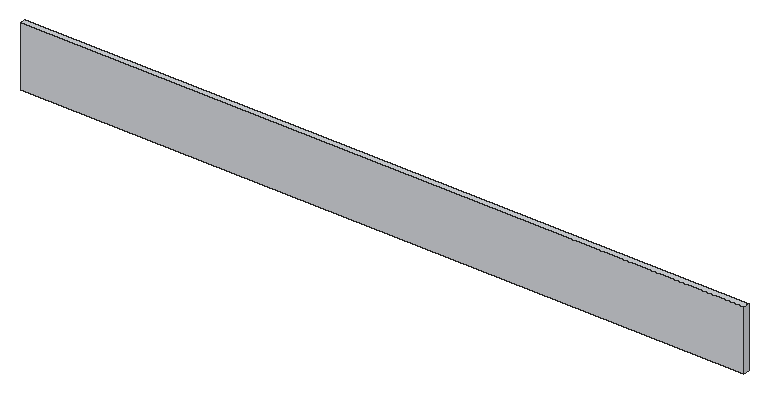
Revit family "BIM_ST_Scaff_ToeBoard_Shared", category Generic Models, Revit 2022
Family settings
  Can host rebar = No
  Round Connector Dimension = Use Diameter
  Part Type = Normal
  Work Plane-Based = No
  Always vertical = Yes
  Cut with Voids When Loaded = No
  Maintain Annotation Orientation = No
  Shared = Yes
  Room Calculation Point = No
Parameters
  Length [instance] = 0 mm
  Default Elevation = 0 mm
Reference planes
  plane 1 "Center (Front/Back)": y = 0
  plane 2: z = 0
  plane 3 "Center (Left/Right)": x = 0
Forms (mm)
  Extrusion 1, solid
    sketch origin (0, 0, 0) x (1, 0, 0) y (0, 1, 0)
      loop
        line (-900, -7.5) -> (900, -7.5) -> (900, 7.5) -> (-900, 7.5) -> (-900, -7.5)
    from 0 to 150
Dimensions and locks
  aligned and locked: level to plane 2
